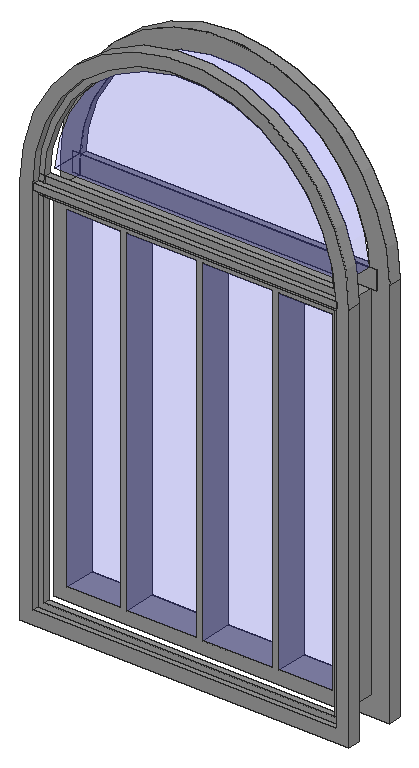
Revit family "Arched window", category Windows, host Wall, Revit 2014
Parameters (values of type "4' x 5'")
  window  width = 1' - 0"
  glass = Glass
  frame = Maple
  Height = 5' - 0"
  Frame width = 0' - 2"
  Default Sill Height = 2' - 0"
  Trim Projection = 0' - 1"
  Wall Closure = By host
  Width = 3' - 0"
Types (8): name | window  width | Height | Default Sill Height
  (no name) | 1' - 0" | 5' - 0" | 2' - 0"
  3' x 4' | 0' - 9" | 4' - 0" | 3' - 0"
  3' x 6' | 0' - 9" | 6' - 0" | 3' - 0"
  5' x 6' | 1' - 3" | 6' - 0" | 3' - 0"
  4' x 6' | 1' - 0" | 6' - 0" | 3' - 0"
  6' x 6' | 1' - 6" | 6' - 0" | 3' - 0"
  6' x 5' | 1' - 6" | 5' - 0" | 3' - 0"
  4' x 5' | 1' - 0" | 5' - 0" | 2' - 0"
Reference planes (in)
  plane 1 "Center (Front/Back)": y = 0
  plane 2 "Center (Left/Right)": x = 0
  plane 3 "Left": x = -24
  plane 4 "Right": x = 24
  plane 5 "Bottom": z = 24
  plane 6 "Top": z = 84
  plane 7 "Exterior": y = 3
  plane 8 "Interior": y = -3
  plane 9: x = 12
  plane 10: x = -12
Forms (in)
  Sweep 1, solid, material "Maple" <- "frame"
    path origin (0, 3, 0) x (1, 0, 0) y (0, 0, 1)
      loop
        arc (24, 84) -> (0, 108) -> (-24, 84) r 24
        line (-24, 84) -> (-24, 24) -> (24, 24) -> (24, 84)
    profile origin (0, 3, 108) x (0, 0, -1) y (0, -1, 0)
      loop
        line (-2, 0) -> (-2, -2) -> (0, -2) -> (0, -1) -> (1, -1) -> (1, 0) -> (-2, 0)
  Sweep 2, solid, material "Maple" <- "frame"
    path origin (0, 3, 0) x (1, 0, 0) y (0, 0, 1)
      loop
        line (24, 84) -> (-24, 84)
    profile origin (0, 3, 84) x (0, 0, -1) y (0, -1, 0)
      loop
        line (-0.5, -2) -> (0.5, -2) -> (0.5, -1) -> (1.5, -1) -> (1.5, 0) -> (-1.5, 0) -> (-1.5, -1) -> (-0.5, -1) -> (-0.5, -2)
  Extrusion 3, solid, material "Maple" <- "frame"
    sketch origin (0, 3, 0) x (1, 0, 0) y (0, 0, 1)
      loop
        line (-23, 82.5) -> (-23, 25) -> (23, 25) -> (23, 82.5) -> (-23, 82.5)
      loop
        line (11.5, 27) -> (11.5, 80.5) -> (0.5, 80.5) -> (0.5, 27) -> (11.5, 27)
      loop
        line (21, 80.5) -> (12.5, 80.5) -> (12.5, 27) -> (21, 27) -> (21, 80.5)
      loop
        line (-21, 27) -> (-12.5, 27) -> (-12.5, 80.5) -> (-21, 80.5) -> (-21, 27)
      loop
        line (-0.5, 80.5) -> (-11.5, 80.5) -> (-11.5, 27) -> (-0.5, 27) -> (-0.5, 80.5)
    from 0 to 5
  Sweep 4, solid, material "Maple" <- "frame"
    path origin (0, -3, 0) x (1, 0, 0) y (0, 0, -1)
      loop
        line (24, -84) -> (24, -24) -> (-24, -24) -> (-24, -84)
        arc (-24, -84) -> (0, -108) -> (24, -84) r 24
    profile origin (0, -3, 108) x (0, 0, 1) y (0, 1, 0)
      loop
        line (2, 0) -> (-1, 0) -> (-1, -1) -> (0, -1) -> (0, -2) -> (2, -2) -> (2, 0)
  Sweep 5, solid, material "Maple" <- "frame"
    path origin (0, -3, 0) x (1, 0, 0) y (0, 0, -1)
      loop
        line (-24, -84) -> (24, -84)
    profile origin (0, -3, 84) x (0, 0, -1) y (0, 1, 0)
      loop
        line (0.5, -2) -> (0.5, -1) -> (1.5, -1) -> (1.5, 0) -> (-1.5, 0) -> (-1.5, -1) -> (-0.5, -1) -> (-0.5, -2) -> (0.5, -2)
  Extrusion 6, solid, material "Glass" <- "glass"
    sketch origin (0, 3, 0) x (1, 0, 0) y (0, 0, 1)
      loop
        line (12.5, 80.5) -> (12.5, 27) -> (21, 27) -> (21, 80.5) -> (12.5, 80.5)
      loop
        line (11.5, 80.5) -> (0.5, 80.5) -> (0.5, 27) -> (11.5, 27) -> (11.5, 80.5)
      loop
        line (-0.5, 27) -> (-0.5, 80.5) -> (-11.5, 80.5) -> (-11.5, 27) -> (-0.5, 27)
      loop
        line (-12.5, 27) -> (-12.5, 80.5) -> (-21, 80.5) -> (-21, 27) -> (-12.5, 27)
      loop
        arc (22.93369, 85.5) -> (0, 106.9827) -> (-22.93369, 85.5) r 22.9827
        line (-22.93369, 85.5) -> (22.93369, 85.5)
    from 0 to 5
Cuts and joins
  joined: Extrusion 3, Sweep 5
Lines and regions (in)
  Opening 1
    outline origin (-60, -3, 0) x (1, 0, 0) y (0, 0, 1)
      loop
        arc (86, 84) -> (60, 110) -> (34, 84) r 26
        line (34, 84) -> (34, 22) -> (86, 22) -> (86, 84)
  model lines
    curve 1: line (-24, -15, 0) -> (-24, -28.4918, 0)
    curve 2: line (-12, -15, 0) -> (-12, -28.4918, 0)
    curve 3: line (0, -15, 0) -> (0, -28.4918, 0)
    curve 4: line (12, -15, 0) -> (12, -28.4918, 0)
    curve 5: line (24, -15, 0) -> (24, -28.4918, 0)
Text (in)
  text "EXTERIOR" at (-60.25314, 23.47596, 0), in view "Ref. Level"
  text "INTERIOR" at (-59.52703, -17.27685, 0), in view "Ref. Level"
  text "Exterior" at (0, 47.2975, 123.29936), in view "Left"
  text "Exterior" at (0, 19.21628, 132.11189), in view "Right"
Dimensions and locks (in)
  "Height": plane 5 "Bottom" to plane 6 "Top"
  "Default Sill Height": level to plane 5 "Bottom"
  locked: plane 7 "Exterior" to host wall at 0
  locked: plane 8 "Interior" to host wall
  equal spacing: plane 3 "Left", plane 2 "Center (Left/Right)", plane 4 "Right"
  "window  width": curve 1 to curve 2
  "window  width": plane 9 to plane 4 "Right"
  "Frame width": Sweep 1 to Sweep 1
  "window  width": plane 2 "Center (Left/Right)" to plane 10
  "window  width": plane 9 to plane 2 "Center (Left/Right)"
  plane 3 "Left" to plane 4 "Right" = 4' - 0"
Automatic sketch dimensions
  plane 3 "Left" to Sweep 1 sketch curve = 0' - 0"
  Sweep 1 sketch curve to plane 2 "Center (Left/Right)" = 0' - 0"
  Sweep 1 sketch curve to plane 5 "Bottom" = 0' - 0"
  Sweep 1 sketch curve to plane 6 "Top" = 0' - 0"
  Sweep 1 sketch curve to plane 7 "Exterior" = 0' - 0"
  Sweep 1 sketch curve to profile plane = 0' - 0"
  profile plane to Sweep 1 sketch curve = 0' - 2"
  Sweep 1 sketch curve to profile plane = 0' - 1"
  Sweep 1 sketch curve to plane 7 "Exterior" = 0' - 1"
  Sweep 1 sketch curve to Sweep 1 sketch curve = 0' - 2"
  Opening 1 sketch curve to plane 6 "Top" = 0' - 0"
  Opening 1 sketch curve to plane 2 "Center (Left/Right)" = 0' - 0"
  plane 3 "Left" to Opening 1 sketch curve = 0' - 2"
  plane 5 "Bottom" to Opening 1 sketch curve = 0' - 2"
  plane 3 "Left" to Sweep 2 sketch curve = 0' - 0"
  plane 4 "Right" to Sweep 2 sketch curve = 0' - 0"
  Sweep 2 sketch curve to plane 6 "Top" = 0' - 0"
  Sweep 2 sketch curve to plane 7 "Exterior" = 0' - 0"
  profile plane to Sweep 2 sketch curve = 0' - 1 1/2"
  profile plane to Sweep 2 sketch curve = 0' - 0 1/2"
  Sweep 2 sketch curve to profile plane = 0' - 0 1/2"
  Sweep 2 sketch curve to Sweep 2 sketch curve = 0' - 1"  (x2)
  Sweep 2 sketch curve to plane 7 "Exterior" = 0' - 1"
  Sweep 2 sketch curve to Sweep 2 sketch curve = 0' - 0"
  Extrusion 3 sketch curve to plane 3 "Left" = 0' - 1"
  Extrusion 3 sketch curve to Extrusion 3 sketch curve = 0' - 2"  (x2)
  Extrusion 3 sketch curve to plane 2 "Center (Left/Right)" = 0' - 0 1/2"
  plane 2 "Center (Left/Right)" to Extrusion 3 sketch curve = 0' - 0 1/2"
  Extrusion 3 sketch curve to plane 9 = 0' - 0 1/2"
  plane 9 to Extrusion 3 sketch curve = 0' - 0 1/2"
  plane 4 "Right" to Extrusion 3 sketch curve = 0' - 3"
  plane 4 "Right" to Extrusion 3 sketch curve = 0' - 1"
  Extrusion 3 sketch curve to plane 5 "Bottom" = 0' - 1"
  Extrusion 3 sketch curve to plane 5 "Bottom" = 0' - 3"
  Extrusion 3 sketch curve to Extrusion 3 sketch curve = 0' - 0"  (x3)
  plane 6 "Top" to Extrusion 3 sketch curve = 0' - 3 1/2"  (x3)
  plane 6 "Top" to Extrusion 3 sketch curve = 0' - 1 1/2"
  plane 3 "Left" to Sweep 4 sketch curve = 0' - 0"
  Sweep 4 sketch curve to plane 2 "Center (Left/Right)" = 0' - 0"
  Sweep 4 sketch curve to plane 6 "Top" = 0' - 0"
  Sweep 4 sketch curve to plane 5 "Bottom" = 0' - 0"
  Sweep 4 sketch curve to profile plane = 0' - 0"
  profile plane to Sweep 4 sketch curve = 0' - 0"
  profile plane to Sweep 4 sketch curve = 0' - 1"
  Sweep 4 sketch curve to profile plane = 0' - 2"
  Sweep 4 sketch curve to profile plane = 0' - 1"
  Sweep 4 sketch curve to Sweep 4 sketch curve = 0' - 2"
  plane 3 "Left" to Sweep 5 sketch curve = 0' - 0"
  plane 4 "Right" to Sweep 5 sketch curve = 0' - 0"
  Sweep 5 sketch curve to plane 6 "Top" = 0' - 0"
  Sweep 5 sketch curve to profile plane = 0' - 0"
  profile plane to Sweep 5 sketch curve = 0' - 1 1/2"
  profile plane to Sweep 5 sketch curve = 0' - 0 1/2"
  Sweep 5 sketch curve to profile plane = 0' - 0 1/2"
  Sweep 5 sketch curve to Sweep 5 sketch curve = 0' - 1"  (x2)
  Sweep 5 sketch curve to profile plane = 0' - 1"
  Sweep 5 sketch curve to Sweep 5 sketch curve = 0' - 0"
  plane 4 "Right" to Extrusion 6 sketch curve = 0' - 3"
  plane 6 "Top" to Extrusion 6 sketch curve = 0' - 3 1/2"  (x2)
  plane 9 to Extrusion 6 sketch curve = 0' - 0 1/2"
  Extrusion 6 sketch curve to plane 9 = 0' - 0 1/2"
  Extrusion 6 sketch curve to plane 5 "Bottom" = 0' - 3"  (x2)
  Extrusion 6 sketch curve to Extrusion 6 sketch curve = 0' - 0"  (x4)
  plane 2 "Center (Left/Right)" to Extrusion 6 sketch curve = 0' - 0 1/2"
  Extrusion 6 sketch curve to plane 3 "Left" = 0' - 3"
  Extrusion 6 sketch curve to plane 2 "Center (Left/Right)" = 0' - 0 1/2"
  Extrusion 6 sketch curve to plane 6 "Top" = 0' - 1 1/2"
  Extrusion 6 sketch curve to plane 2 "Center (Left/Right)" = 0' - 0"
  plane 4 "Right" to Extrusion 6 sketch curve = 0' - 1.06631"
  Extrusion 6 sketch curve to plane 6 "Top" = 0' - 0"
  plane 10 to Extrusion 3 sketch curve = 0' - 0 1/2"
  Extrusion 3 sketch curve to plane 10 = 0' - 0 1/2"
  Extrusion 6 sketch curve to plane 10 = 0' - 0 1/2"
  plane 10 to Extrusion 6 sketch curve = 0' - 0 1/2"
  curve 1 to plane 3 "Left" = 0' - 0"
  curve 3 to plane 2 "Center (Left/Right)" = 0' - 0"
  curve 4 to plane 9 = 0' - 0"
  curve 5 to plane 4 "Right" = 0' - 0"
  host wall to curve 3 = 2' - 1.4918"
  curve 1 to curve 3 = 0' - 0"
  curve 3 to curve 4 = 0' - 0"  (x2)
  curve 1 to curve 2 = 0' - 0"  (x2)
  curve 4 to curve 5 = 0' - 0"
  host wall to curve 4 = 1' - 0"
  host wall to curve 2 = 1' - 0"
  host wall to curve 5 = 1' - 0"
